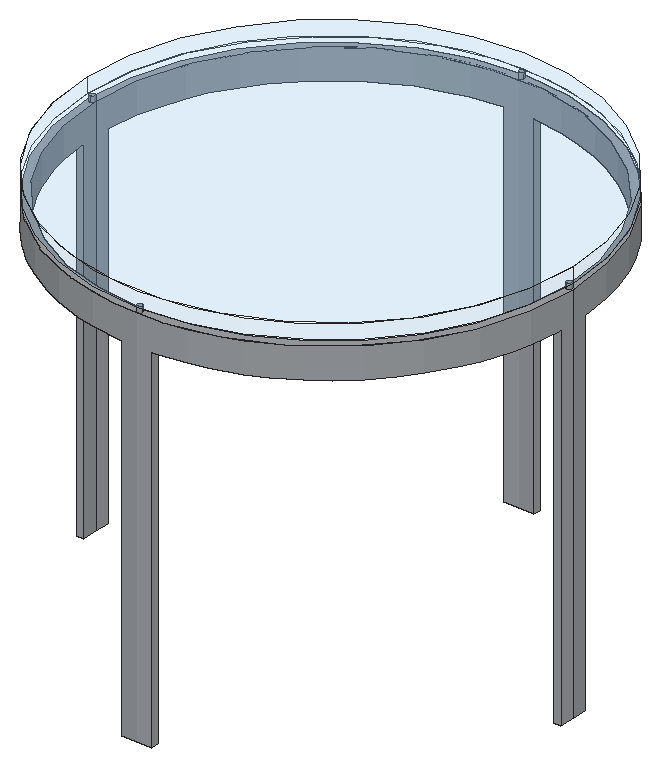
Revit family
Parameters
  URL = "http://www.martinbrattrud.com"
  Table Top [instance] = none
  SCS Certified Product = "Yes"
  Model = "Lundin 1006-24CH"
  Manufacturer = "Martin Brattrud, Inc."
  Leg [instance] = none
  Keynote = "125000"
  Copyright = "© 2013 Martin Brattrud, Inc."
  Authoring Version = "Revit Architecture 2010"
  Assembly Code = "E2020200"
Reference planes (in)
  plane 1 "Center Front/Back": y = 0
  plane 2: z = 0
  plane 3 "Center Left/Right": x = 0
  plane 4: z = 0
  plane 5: z = 20
Forms (in)
  Extrusion 1, solid, material <- "Table Top"
    sketch origin (0, 0, 0) x (1, 0, 0) y (0, 1, 0)
      loop
        circle (0, 0) r 12
    from 19.25 to 20
  Extrusion 2, solid, material <- "Leg"
    sketch origin (0, 0, 0) x (1, 0, 0) y (0, 1, 0)
      loop
        circle (0, 0) r 12
      loop
        circle (0, 0) r 11.625
    from 0 to 19
  Extrusion 3, void
    sketch origin (0, 0, 0) x (1, 0, 0) y (0, 1, 0)
      loop
        line (0.75, 11.97654) -> (0.75, 0.75) -> (11.97654, 0.75)
        arc (11.97654, 0.75) -> (8.48528, 8.48528) -> (0.75, 11.97654) r 12
      loop
        line (-0.75, -11.97654) -> (-0.75, -0.75) -> (-11.97654, -0.75)
        arc (-11.97654, -0.75) -> (-8.48528, -8.48528) -> (-0.75, -11.97654) r 12
      loop
        line (11.97654, -0.75) -> (0.75, -0.75) -> (0.75, -11.97654)
        arc (0.75, -11.97654) -> (8.48528, -8.48528) -> (11.97654, -0.75) r 12
      loop
        line (-11.97654, 0.75) -> (-0.75, 0.75) -> (-0.75, 11.97654)
        arc (-0.75, 11.97654) -> (-8.48528, 8.48528) -> (-11.97654, 0.75) r 12
    from 0 to 17.5
  Extrusion 4, solid, material <- "Leg"
    sketch origin (0, 0, 0) x (1, 0, 0) y (0, 1, 0)
      loop
        circle (0, 11.78866) r 0.125
      loop
        circle (0, -11.78866) r 0.125
      loop
        circle (-11.78866, 0) r 0.125
      loop
        circle (11.78866, 0) r 0.125
    from 19 to 19.25
Cuts and joins
  Extrusion 3 cuts Extrusion 2
